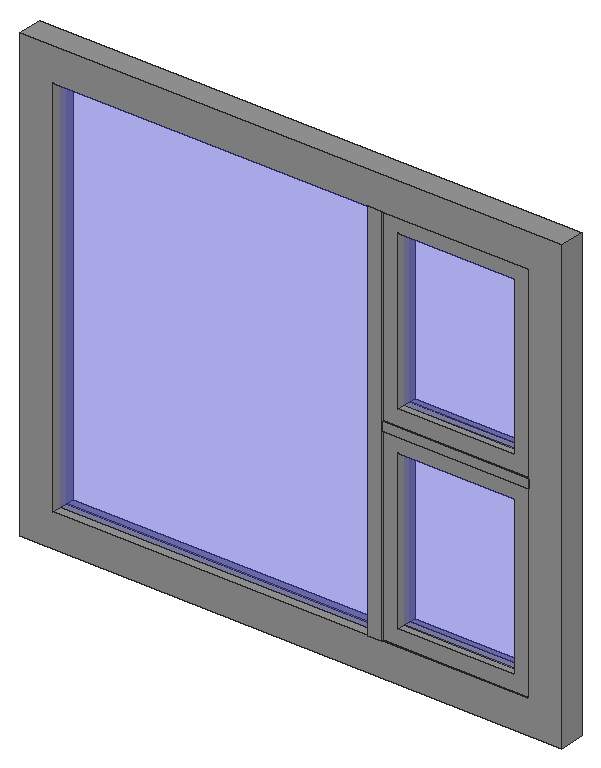
Revit family "Family40", category Windows, host Wall, Revit 2018
Family settings
  Host = Wall
  OmniClass Number = 23.30.20.00
  OmniClass Title = Windows
  Always vertical = Yes
  Cut with Voids When Loaded = No
  Shared = No
  Room Calculation Point = No
Parameters
  Window Frame = White
  Visual Light Transmittance = 0.81
  URL = "www.skywardwindows.co.za"
  Thermal Resistance (R) = 0.3196 (m²·K)/W
  Telephone = "021 276 1800"
  Solar Heat Gain Coefficient = 0.76
  Manufacturer = "Skyward Windows"
  Height = 1490 mm
  Heat Transfer Coefficient (U) = 3.1292 W/(m²·K)
  Glass Thickness = 4 mm
  Glass = Glass
  Frame Width = 46.195 mm
  Email Address = "info@skywardwindows.co.za"
  Default Sill Height = 800 mm
  Wall Closure = By host
  Width = 1790 mm
  Company Address = "Charles Matthews Street Atlantis 7349"
  Analytic Construction = "Double glazing - domestic"
Reference planes
  plane 1 "Center (Front/Back)": y = 0
  plane 2 "Center (Left/Right)": x = 0
  plane 3 "Left": x = -895
  plane 4 "Right": x = 895
  plane 5 "Sill": z = 800
  plane 6 "Head": z = 2290
  plane 7 "Exterior": y = 100
  plane 8 "Interior": y = -100
Forms (mm)
  Extrusion 1, solid, material "White" <- "Window Frame"
    sketch origin (0, -100, 0) x (1, 0, 0) y (0, 0, 1)
      loop
        line (-895, 2290) -> (-895, 800) -> (895, 800) -> (895, 2290) -> (-895, 2290)
      loop
        line (-786, 909) -> (786, 909) -> (786, 2181) -> (-786, 2181) -> (-786, 909)
    from -142 to -58
  Extrusion 2, solid, material "White" <- "Window Frame"
    sketch origin (0, -100, 0) x (1, 0, 0) y (0, 0, 1)
      loop
        line (302.867, 2181) -> (302.867, 1560) -> (786, 1560) -> (786, 2181) -> (302.867, 2181)
      loop
        line (350, 2131) -> (350, 1610) -> (736, 1610) -> (736, 2131) -> (350, 2131)
    from -134.904 to -64.489
  Extrusion 3, solid, material "White" <- "Window Frame"
    sketch origin (0, -100, 0) x (1, 0, 0) y (0, 0, 1)
      loop
        line (300, 2181) -> (253.805, 2181) -> (253.805, 909) -> (300, 909) -> (300, 2181)
    from -142 to -58
  Extrusion 4, solid, material "Glass" <- "Glass"
    sketch origin (0, 0, 0) x (1, 0, 0) y (0, 1, 0)
      loop
        line (-786, 14) -> (-786, 10) -> (253.805, 10) -> (253.805, 14) -> (-786, 14)
      loop
        line (253.805, -14) -> (253.805, -10) -> (-786, -10) -> (-786, -14) -> (253.805, -14)
    from 909 to 2181
  Extrusion 5, solid, material "Glass" <- "Glass"
    sketch origin (0, 0, 0) x (1, 0, 0) y (0, 1, 0)
      loop
        line (350, 14) -> (350, 10) -> (736, 10) -> (736, 14) -> (350, 14)
      loop
        line (736, -14) -> (736, -10) -> (350, -10) -> (350, -14) -> (736, -14)
    from 1610 to 2131
  Extrusion 6, solid, material "White" <- "Window Frame"
    sketch origin (0, -100, -651) x (1, 0, 0) y (0, 0, 1)
      loop
        line (302.867, 2181) -> (302.867, 1560) -> (786, 1560) -> (786, 2181) -> (302.867, 2181)
      loop
        line (350, 2131) -> (350, 1610) -> (736, 1610) -> (736, 2131) -> (350, 2131)
    from -134.904 to -64.489
  Extrusion 7, solid, material "Glass" <- "Glass"
    sketch origin (0, 0, -651) x (1, 0, 0) y (0, 1, 0)
      loop
        line (350, 14) -> (350, 10) -> (736, 10) -> (736, 14) -> (350, 14)
      loop
        line (736, -14) -> (736, -10) -> (350, -10) -> (350, -14) -> (736, -14)
    from 1610 to 2131
  Extrusion 8, solid, material "White" <- "Window Frame"
    sketch origin (0, -100, 0) x (1, 0, 0) y (0, 0, 1)
      loop
        line (300, 1560.335) -> (300, 1530) -> (786, 1530) -> (786, 1560.335) -> (300, 1560.335)
    from -142 to -58
Lines and regions (mm)
  Opening 1
    outline origin (3500, -100, 0) x (1, 0, 0) y (0, 0, 1)
      loop
        line (-2605, 800) -> (-2605, 2290) -> (-4395, 2290) -> (-4395, 800) -> (-2605, 800)
Text (mm)
  text "EXTERIOR" at (-1963.203, 1332.353, 0), in view "Ref. Level"
  text "INTERIOR" at (-1981.466, -818.386, 0), in view "Ref. Level"
  text "Exterior" at (0, 923.751, 2943.296), in view "Right"
  text "Exterior" at (0, 1040.484, 2685.409), in view "Left"
Dimensions and locks
  equal spacing: plane 3 "Left", plane 2 "Center (Left/Right)", plane 4 "Right"
  "Width": plane 3 "Left" to plane 4 "Right"
  "Height": plane 5 "Sill" to plane 6 "Head"
  "Default Sill Height": plane 5 "Sill" to level
  locked: plane 7 "Exterior" to host wall at 0
  locked: plane 8 "Interior" to host wall
  "Glass Thickness": Extrusion 4 to Extrusion 4
  "Glass Thickness": Extrusion 5 to Extrusion 5
  aligned and locked: Extrusion 1 sketch curve to host wall  (x4)
Automatic sketch dimensions
  plane 3 "Left" to Opening 1 sketch curve = 0 mm
  plane 4 "Right" to Opening 1 sketch curve = 0 mm
  Opening 1 sketch curve to plane 5 "Sill" = 0 mm
  Opening 1 sketch curve to plane 6 "Head" = 0 mm
  Extrusion 1 sketch curve to plane 3 "Left" = 109 mm
  plane 4 "Right" to Extrusion 1 sketch curve = 109 mm
  Extrusion 1 sketch curve to plane 5 "Sill" = 109 mm
  plane 6 "Head" to Extrusion 1 sketch curve = 109 mm
  Extrusion 2 sketch curve to plane 2 "Center (Left/Right)" = 302.867 mm
  Extrusion 2 sketch curve to Extrusion 2 sketch curve = 47.133 mm
  plane 4 "Right" to Extrusion 2 sketch curve = 159 mm
  Extrusion 2 sketch curve to Extrusion 2 sketch curve = 50 mm  (x3)
  plane 6 "Head" to Extrusion 2 sketch curve = 730 mm
  plane 6 "Head" to Extrusion 2 sketch curve = 159 mm
  plane 6 "Head" to Extrusion 3 sketch curve = 109 mm
  Extrusion 3 sketch curve to plane 2 "Center (Left/Right)" = 253.805 mm
  Extrusion 3 sketch curve to Extrusion 3 sketch curve = 46.195 mm
  Extrusion 3 sketch curve to plane 5 "Sill" = 109 mm
  Extrusion 4 sketch curve to host wall = 14 mm
  Extrusion 4 sketch curve to plane 3 "Left" = 109 mm
  Extrusion 4 sketch curve to Extrusion 4 sketch curve = 0 mm  (x2)
  Extrusion 4 sketch curve to plane 2 "Center (Left/Right)" = 253.805 mm
  host wall to Extrusion 4 sketch curve = 10 mm
  Extrusion 4 sketch curve to Extrusion 4 sketch curve = 4 mm  (x2)
  Extrusion 5 sketch curve to host wall = 14 mm
  Extrusion 5 sketch curve to plane 2 "Center (Left/Right)" = 350 mm
  Extrusion 5 sketch curve to Extrusion 5 sketch curve = 0 mm  (x2)
  plane 4 "Right" to Extrusion 5 sketch curve = 159 mm
  host wall to Extrusion 5 sketch curve = 10 mm
  Extrusion 5 sketch curve to Extrusion 5 sketch curve = 4 mm  (x2)
  Extrusion 6 sketch curve to plane 5 "Sill" = 109 mm
  Extrusion 6 sketch curve to plane 2 "Center (Left/Right)" = 302.867 mm
  Extrusion 6 sketch curve to Extrusion 6 sketch curve = 47.133 mm
  plane 4 "Right" to Extrusion 6 sketch curve = 159 mm
  Extrusion 6 sketch curve to Extrusion 6 sketch curve = 50 mm  (x3)
  Extrusion 6 sketch curve to Extrusion 6 sketch curve = 521 mm
  Extrusion 7 sketch curve to host wall = 14 mm
  Extrusion 7 sketch curve to plane 2 "Center (Left/Right)" = 350 mm
  Extrusion 7 sketch curve to Extrusion 7 sketch curve = 0 mm  (x2)
  plane 4 "Right" to Extrusion 7 sketch curve = 159 mm
  host wall to Extrusion 7 sketch curve = 10 mm
  Extrusion 7 sketch curve to Extrusion 7 sketch curve = 4 mm  (x2)
  Extrusion 8 sketch curve to plane 2 "Center (Left/Right)" = 300 mm
  plane 4 "Right" to Extrusion 8 sketch curve = 109 mm
  Extrusion 8 sketch curve to plane 5 "Sill" = 730 mm
  Extrusion 8 sketch curve to Extrusion 8 sketch curve = 30.335 mm
